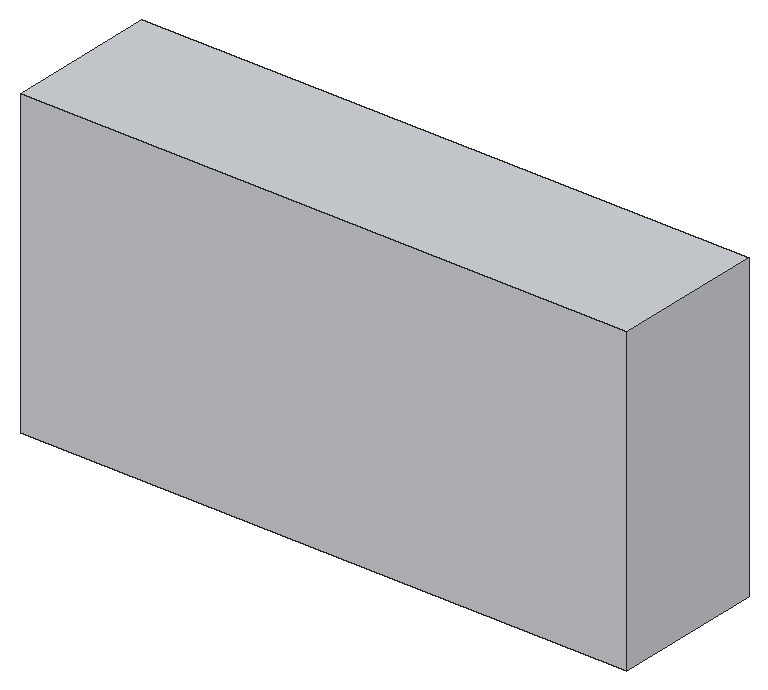
Revit family "Binder Bin", category Furniture, host Wall, Revit 2016
Family settings
  Host = Wall
  Always vertical = Yes
  Cut with Voids When Loaded = No
  Shared = No
  Room Calculation Point = No
Parameters (values of type "48 wide 24 high")
  Width = 4' - 0"
  Mounting Height [instance] = 4' - 6"
  Height = 2' - 0"
Types (3): name | Height
  (no name) | 2' - 0"
  48 wide 24 high | 2' - 0"
  48 wide 18 high | 1' - 6"
Reference planes (in)
  plane 1: y = 0
  plane 2 "Center (Left/Right)": x = 0
  plane 3 "Back": y = 3
  plane 4 "Left": x = 24
  plane 5 "Right": x = -24
  plane 6 "Top": z = 78
  plane 7 "Bottom": z = 54
  plane 8 "Front": y = 15
  plane 9 "Hardware Height": z = 56
Forms (in)
  Extrusion 1, solid
    sketch origin (0, 15, 0) x (1, 0, 0) y (0, 0, 1)
      loop
        line (24, 78) -> (-24, 78) -> (-24, 54) -> (24, 54) -> (24, 78)
    from 0 to 12
  Sweep 2, solid
    path origin (0, 0, 56) x (1, 0, 0) y (0, 1, 0)
      loop
        line (-2.5, 15) -> (-2.5, 16.5) -> (2.5, 16.5) -> (2.5, 15)
    profile origin (-2.5, 15.75, 56) x (-1, 0, 0) y (0, 0, 1)
      loop
        line (0.125, 0.125) -> (-0.125, 0.125) -> (-0.125, -0.125) -> (0.125, -0.125) -> (0.125, 0.125)
Lines and regions (in)
  symbolic lines, style "Elevation Swing"
    curve 1: line (24, 15, 54) -> (0, 15, 78)
    curve 2: line (0, 15, 78) -> (-24, 15, 54)
  symbolic lines, style "Overhead Items"
    curve 3: line (-24, 15, 0) -> (24, 15, 0)
    curve 4: line (-24, 3, 0) -> (-24, 15, 0)
    curve 5: line (24, 3, 0) -> (-24, 3, 0)
    curve 6: line (24, 15, 0) -> (24, 3, 0)
  model lines, style "InvisibleLines"
    curve 7: line (0, 3, 0) -> (0, 3, 54)
Text (in)
  text "Placement Side" at (0, 40.15149, 123.01588), in view "Right"
  text "Placement Side" at (-58.6842, 42.74981, 0), in view "Ref. Level"
  text "Placement Side" at (0, 47.49176, 140.59947), in view "Left"
Dimensions and locks (in)
  locked: plane 3 "Back" to host wall
  "Mounting Height": level to plane 7 "Bottom"
  "Height": plane 7 "Bottom" to plane 6 "Top"
  equal spacing: plane 5 "Right", plane 2 "Center (Left/Right)", plane 4 "Left"
  "Width": plane 5 "Right" to plane 4 "Left"
  locked: plane 7 "Bottom" to plane 9 "Hardware Height" at 2
  aligned and locked: plane 6 "Top" to Extrusion 1 sketch curve
  aligned and locked: Extrusion 1 sketch curve to plane 4 "Left"
  aligned and locked: Extrusion 1 sketch curve to plane 7 "Bottom"
  aligned and locked: plane 5 "Right" to Extrusion 1 sketch curve
  aligned and locked: curve 3 to Extrusion 1
  aligned and locked: curve 4 to Extrusion 1
  aligned and locked: curve 5 to Extrusion 1
  aligned and locked: curve 6 to Extrusion 1
Automatic sketch dimensions
  plane 8 "Front" to Sweep 2 sketch curve = 0' - 0"  (x2)
  Sweep 2 sketch curve to plane 2 "Center (Left/Right)" = 0' - 2 1/2"
  plane 2 "Center (Left/Right)" to Sweep 2 sketch curve = 0' - 2 1/2"
  Sweep 2 sketch curve to plane 8 "Front" = 0' - 1 1/2"
  plane 5 "Right" to curve 2 = 0' - 0"
  curve 1 to plane 2 "Center (Left/Right)" = 0' - 0"
  plane 4 "Left" to curve 1 = 0' - 0"
  curve 2 to plane 7 "Bottom" = 0' - 0"
  curve 1 to plane 7 "Bottom" = 0' - 0"
  curve 1 to plane 6 "Top" = 0' - 0"
  curve 7 to plane 2 "Center (Left/Right)" = 0' - 0"
  curve 7 to level = 0' - 0"
  curve 7 to plane 7 "Bottom" = 0' - 0"
